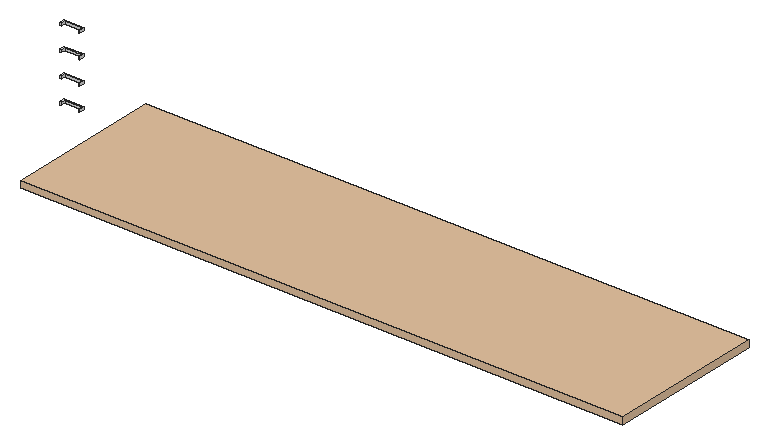
Revit family "DoorBench", category Furniture, Revit 2025
Family settings
  Work Plane-Based = No
  Enable Cutting in Views = No
  Always vertical = Yes
  Cut with Voids When Loaded = No
  Render Appearance Source = Family Geometry
  Shared = No
  Room Calculation Point = No
Parameters (values of type "1525x762mm_Student")
  Width = 1525.00 mm
  Top Material = Cherry
  Leg Height = 152.00 mm
  Keynote = "N"
  Height = 762.00 mm
  Handle/Leg Material = Steel, Chrome Plated
  Depth = 762.00 mm
  Default Elevation = 0.00 mm
  Body Material = Laminate, Ivory, Matte
  Assembly Code = ""
Types (3, lengths in mm): name | Width | Depth
  1525x762mm_Student | 1525.00 | 762.00
  1830x915mm | 1830.00 | 915.00
  1525x762mm | 1300.00 | 762.00
Reference planes
  plane 1 "Front": y = -19
  plane 2: z = 0
  plane 3 "Left": x = -557.5
  plane 4 "DeskTop": z = 900
  plane 5 "Right": x = 2482.5
  plane 6 "Rear": y = 781
  plane 7 "ShortCentre": x = 962.5
  plane 8 "LongCentre": y = 381
  plane 9: z = 282.025
  plane 10: z = 402.675
  plane 11: z = 523.325
  plane 12: z = 643.975
  plane 13 "TopUnderside": z = 865
Forms (mm)
  Extrusion 1, solid, material "Cherry" <- "Top Material"
    sketch origin (34.4, 38, 0) x (1, 0, 0) y (0, 1, 0)
      loop
        line (-591.9, 743) -> (-591.9, -57) -> (2482.5, -57) -> (2482.5, 743) -> (-591.9, 743)
    from 865 to 900
  Sweep 2, solid, material "Steel, Chrome Plated" <- "Handle/Leg Material"
    path origin (-1677.631, 664.671, -22.775) x (1, 0, 0) y (0, 1, 0)
      loop
        line (156.45, 774.7) -> (156.45, 800.1) -> (258.05, 800.1) -> (258.05, 774.7)
    profile origin (0, 1452.071, 0) x (-1, 0, 0) y (0, 0, 1)
      loop
        line (1521.181, 282.025) -> (1514.831, 282.025) -> (1514.831, 269.325) -> (1521.181, 269.325) -> (1521.181, 282.025)
      loop
        line (1521.181, 402.675) -> (1514.831, 402.675) -> (1514.831, 389.975) -> (1521.181, 389.975) -> (1521.181, 402.675)
      loop
        line (1521.181, 523.325) -> (1514.831, 523.325) -> (1514.831, 510.625) -> (1521.181, 510.625) -> (1521.181, 523.325)
      loop
        line (1521.181, 643.975) -> (1514.831, 643.975) -> (1514.831, 631.275) -> (1521.181, 631.275) -> (1521.181, 643.975)
Dimensions and locks
  plane 7 "ShortCentre" to plane 5 "Right" = 1520.00 mm
  plane 3 "Left" to Extrusion 1 = 0.00 mm
  Extrusion 1 to plane 7 "ShortCentre" = 1520.00 mm
  Extrusion 1 to Extrusion 1 = 800.00 mm
